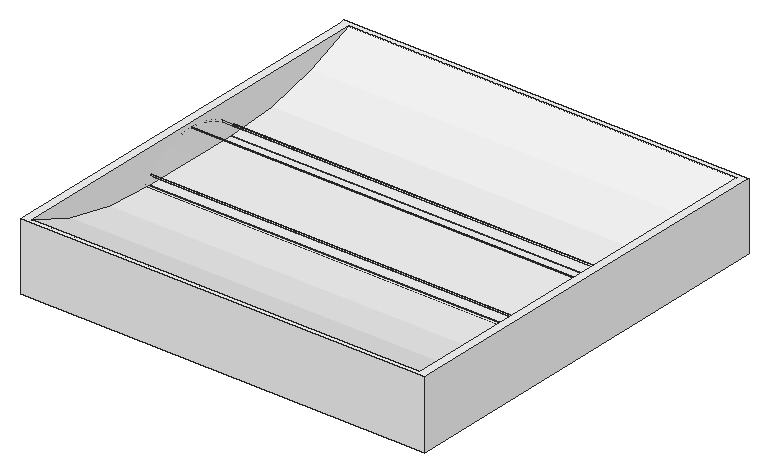
Revit family "LCAT-G", category Lighting Fixtures, host Face, Revit 2013
Parameters (values of type "CCL22-3335")
  zz Length = Row Length - 1.000"  # 23.000"
  Width = 24.000"
  Watts = 28.9 W
  Wattage = 28.9 W
  Warranty = "Five-year warranty"  # constant formula
  built-in parameter 1150110 = 1 (stored number, unit not read)
  Voltage = 120 V
  Wattage Comments = "28.9W-43.9W"  # constant formula
  URL = "http://www.columbialighting.com/"
  built-in parameter 1114217 = 1 (stored number, unit not read)
  Tilt Angle = 90.00°
  built-in parameter 1150109 = 1 (stored number, unit not read)
  built-in parameter 1150134 = (empty or 0)
  built-in parameter 1150113 = 1 (stored number, unit not read)
  Product Page URL = "http://www.columbialighting.com/products/ccl"
  Product Documentation Link = "http://cdn.columbialighting.com/content/products/specs/specs_files/ts_col_ccl_spec.pdf"
  Power Factor = 1
  Photometric Web File = "generic"
  built-in parameter 1150142 = (empty or 0)
  Mounting = "Recessed mount"  # constant formula
  Model = "CCL22"
  Manufacturer Phone = "(864)-678-1000"  # constant formula
  Manufacturer Fax = "(866)-898-1065"  # constant formula
  Manufacturer = "Columbia Lighting"  # constant formula
  Row Length = 24.000"
  built-in parameter 1150105 = 257.58 (stored number, unit not read)
  Lumens = 3236.8 lm
  built-in parameter 1150115 = 1 (stored number, unit not read)
  Load Classification = Lighting
  built-in parameter 1150137 = (empty or 0)
  built-in parameter 1150139 = (empty or 0)
  built-in parameter 1150112 = 1 (stored number, unit not read)
  built-in parameter 1150114 = 1 (stored number, unit not read)
  Lamp = "LED lamp"  # constant formula
  Light Bulb = Hubbell - White Glass
  built-in parameter 1150132 = (empty or 0)
  built-in parameter 1150102 = (empty or 0)
  built-in parameter 1150107 = 3500 (stored number, unit not read)
  built-in parameter 1150138 = (empty or 0)
  built-in parameter 1150106 = 2.5758 (stored number, unit not read)
  Emit from Rectangle Width = Width - 2.000"  # 22.000"
  Emit from Rectangle Length = Row Length - 2.000"  # 22.000"
  Emit Shape Visible in Rendering = no
  built-in parameter 1150104 = 10.405 (stored number, unit not read)
  Dimming Lamp Color Temperature Shift = <None>
  Dimming = "0-10V"  # constant formula
  Description = "Center-Lens Troffer"  # constant formula
  Default Elevation = 48.000"
  Color Filter = 16777215
  Certifications = "UL1598 & CSA"  # constant formula
  built-in parameter 1114218 = 1 (stored number, unit not read)
  Backbox = Hubbell - White
  built-in parameter 1150133 = 10 (stored number, unit not read)
  Apparent Load = Watts / Power Factor  # 28.9 VA
Types (5): name | zz Length | Watts | Wattage | built-in parameter 1150134 | Model | Row Length | built-in parameter 1150105 | Lumens | built-in parameter 1150107 | built-in parameter 1150106 | Emit from Rectangle Length | built-in parameter 1150104 | Apparent Load
  (no name) | 23.000" | 28.9 W | 28.9 W | (empty or 0) | "CCL22" | 24.000" | 257.58 (stored number, unit not read) | 3236.8 lm | 3500 (stored number, unit not read) | 2.5758 (stored number, unit not read) | 22.000" | 10.405 (stored number, unit not read) | 28.9 VA
  CCL24-5035 | 47.000" | 43.9 W | 43.9 W | (empty or 0) | "CCL24" | 48.000" | 398.25 (stored number, unit not read) | 5004.6 lm | 3500 (stored number, unit not read) | 3.9825 (stored number, unit not read) | 46.000" | 10.591 (stored number, unit not read) | 43.9 VA
  CCL22-3335 | 23.000" | 28.9 W | 28.9 W | (empty or 0) | "CCL22" | 24.000" | 257.58 (stored number, unit not read) | 3236.8 lm | 3500 (stored number, unit not read) | 2.5758 (stored number, unit not read) | 22.000" | 10.405 (stored number, unit not read) | 28.9 VA
  CCL22-3340 | 23.000" | 28.9 W | 28.9 W | 12 | "CCL22" | 24.000" | 266.78 (stored number, unit not read) | 3352.4 lm | 4000 (stored number, unit not read) | 2.6678 (stored number, unit not read) | 22.000" | 10.777 (stored number, unit not read) | 28.9 VA
  CCL24-5040 | 47.000" | 43.9 W | 43.9 W | 12 | "CCL24" | 48.000" | 412.23 (stored number, unit not read) | 5180.2 lm | 4000 (stored number, unit not read) | 4.1223 (stored number, unit not read) | 46.000" | 10.963 (stored number, unit not read) | 43.9 VA
Reference planes (in)
  plane 1 "Center (Front/Back)": y = 0.03999
  plane 2: z = 0
  plane 3 "Center (Left/Right)": x = 1.66944
  plane 4: x = -10.33056
  plane 5: x = 13.66944
  plane 6: z = -4
  plane 7: y = -11.96001
  plane 8: y = 12.03999
Forms (in)
  Extrusion 1, void
    sketch origin (0, 0.03999, 0) x (1, 0, 0) y (0, 0, 1)
      loop
        line (-10.33056, 0) -> (-10.33056, -4) -> (13.66944, -4) -> (13.66944, 0) -> (-10.33056, 0)
    from -12 to 12
Dimensions and locks (in)
  equal spacing: plane 5, plane 3 "Center (Left/Right)", plane 4
  "Row Length": plane 5 to plane 4
  equal spacing: plane 7, plane 1 "Center (Front/Back)", plane 8
  "Width": plane 7 to plane 8
  aligned and locked: plane 2 to host face
  aligned and locked: level to host face
  aligned and locked: Extrusion 1 sketch curve to level
  aligned and locked: plane 4 to Extrusion 1 sketch curve
  aligned and locked: Extrusion 1 sketch curve to plane 5
  aligned and locked: plane 6 to Extrusion 1 sketch curve
  aligned and locked: Extrusion 1 to plane 8
  aligned and locked: plane 3 "Center (Left/Right)" to nested 1
  aligned and locked: plane 1 "Center (Front/Back)" to nested 1
  aligned and locked: Extrusion 1 to plane 7
Automatic sketch dimensions
  host sketch curve to host sketch curve = 96.000"  (x2)
Nested families (in)
  nested 1: "CCL Center-Lens Troffer" at (1.66944, 0.03999, -4), Glass <- "Light Bulb", Finish <- "Backbox", Width <- "Width", Row Length <- "Row Length", type "CCL Center-Lens Troffer"
    with Width 24.000", Row Length 24.000", Height 4.000", Glass Hubbell - White Glass, Finish Hubbell - White
Connectors (in)
  electrical at (1.66944, 0.03999, -4), driven by "Voltage", driven by "Load Classification", driven by "Apparent Load", driven by "Power Factor"
    settings: on nested 1, index 1, voltage 120 V, apparent load 28.9 VA, apparent load phase1 0 VA, apparent load phase2 0 VA, apparent load phase3 0 VA, power factor 1, load classification "Lighting", number of poles 1, system type 30, power factor state 1, is connector primary yes, connector utility no, sub classification motor no, connector description "Lighting Connector"
Definition of nested family "CCL Center-Lens Troffer"
  Parameters (values of type "LED Contemporary Architectural Troffer")
    Width [instance] = 24.000"
    Row Length [instance] = 24.000"
    Height [instance] = 4.000"
    Glass [instance] = none
    Finish [instance] = none
    Default Elevation = 48.000"
  Reference planes (in)
    plane 1 "Center (Front/Back)": y = 0
    plane 2: z = 0
    plane 3 "Center (Left/Right)": x = 0
    plane 4: x = 12
    plane 5: x = -12
    plane 6: y = -12
    plane 7: y = 12
    plane 8: z = 4
    plane 9: x = -11.5
    plane 10: x = 11.5
    plane 11: y = -3
    plane 12: y = 3
    plane 13: z = 2
    plane 14: y = -11.75
    plane 15: y = 11.75
    plane 16: z = 0.25
  Forms (in)
    Extrusion 1, solid
      sketch origin (0, 0, 0) x (1, 0, 0) y (0, 1, 0)
        loop
          line (-48, 48) -> (-48, -48) -> (48, -48) -> (48, 48) -> (-48, 48)
      from 0 to -12
    Extrusion 2, solid, material <- "Glass"
      sketch origin (0, 0, 0) x (0, 1, 0) y (0, 0, 1)
        loop
          arc (-3.0054, 2) -> (-3.2554, 2.25) -> (-3.0054, 2.5) r 0.25
          arc (-3.0054, 2.5) -> (-1.62233, 3.40315) -> (0, 3.71395) r 4.27102
          arc (0, 3.71395) -> (1.62233, 3.40315) -> (3.0054, 2.5) r 4.27102
          arc (3.0054, 2.5) -> (3.2554, 2.25) -> (3.0054, 2) r 0.25
          line (3.0054, 2) -> (3.0054, 1.89823)
          arc (3.0054, 1.89823) -> (3.35619, 2.24902) -> (3.0054, 2.59982) r 0.35079
          arc (3.0054, 2.59982) -> (1.6184, 3.48995) -> (0, 3.80122) r 4.35698
          arc (0, 3.80122) -> (-1.6184, 3.48995) -> (-3.0054, 2.59982) r 4.35698
          arc (-3.0054, 2.59982) -> (-3.35619, 2.24902) -> (-3.0054, 1.89823) r 0.35079
          line (-3.0054, 1.89823) -> (-3.0054, 2)
      from -11.5 to 11.5
    Extrusion 3, solid, material <- "Finish"
      sketch origin (0, 0, 0) x (0, 1, 0) y (0, 0, 1)
        loop
          line (-12, 4) -> (-12, 0) -> (12, 0) -> (12, 4) -> (-12, 4)
      from 11.5 to 12
    Extrusion 4, solid, material <- "Finish"
      sketch origin (0, 0, 0) x (0, 1, 0) y (0, 0, 1)
        loop
          line (12, 4) -> (-12, 4) -> (-12, 0) -> (12, 0) -> (12, 4)
      from -12 to -11.5
    Extrusion 5, solid, material <- "Finish"
      sketch origin (0, 0, 0) x (0, 1, 0) y (0, 0, 1)
        loop
          line (-12, 0) -> (12, 0) -> (12, 4) -> (11.75, 4) -> (11.75, 0.25) -> (-11.75, 0.25) -> (-11.75, 4) -> (-12, 4) -> (-12, 0)
      from -11.5 to 11.5
    Extrusion 6, solid, material <- "Finish"
      sketch origin (0, 0, 0) x (0, 1, 0) y (0, 0, 1)
        loop
          arc (-3, 2) -> (-7.48783, 2.50637) -> (-11.75, 4) r 20.14062
          line (-11.75, 4) -> (-11.75, 0.25) -> (11.75, 0.25) -> (11.75, 4)
          arc (11.75, 4) -> (7.48783, 2.50637) -> (3, 2) r 20.14062
          line (3, 2) -> (-3, 2)
      from -12 to 12
  Cuts and joins
    joined: Extrusion 3, Extrusion 4, Extrusion 5, Extrusion 6
  Dimensions and locks (in)
    equal spacing: plane 4, plane 3 "Center (Left/Right)", plane 5
    "Row Length": plane 4 to plane 5
    equal spacing: plane 6, plane 1 "Center (Front/Back)", plane 7
    "Width": plane 6 to plane 7
    "Height": plane 8 to plane 2
    equal spacing: plane 10, plane 3 "Center (Left/Right)", plane 9
    locked: plane 9 to plane 5 at 0.5
    equal spacing: plane 11, plane 1 "Center (Front/Back)", plane 12
    locked: plane 11 to plane 1 "Center (Front/Back)" at 3
    locked: plane 6 to plane 14 at 0.25
    equal spacing: plane 14, plane 1 "Center (Front/Back)", plane 15
    locked: plane 16 to level at 0.25
    level to Extrusion 5 = 4.000"
    aligned and locked: plane 2 to Extrusion 1
    aligned and locked: level to Extrusion 1
    aligned and locked: Extrusion 2 to plane 10
    aligned and locked: Extrusion 2 to plane 9
    aligned and locked: plane 8 to Extrusion 3 sketch curve
    aligned and locked: plane 6 to Extrusion 3 sketch curve
    aligned and locked: level to Extrusion 3 sketch curve
    aligned and locked: Extrusion 3 sketch curve to plane 7
    aligned and locked: plane 4 to Extrusion 3
    aligned and locked: plane 10 to Extrusion 3
    aligned and locked: Extrusion 4 sketch curve to Extrusion 3  (x4)
    aligned and locked: Extrusion 4 to plane 5
    aligned and locked: plane 9 to Extrusion 4
    aligned and locked: Extrusion 5 sketch curve to Extrusion 3  (x4)
    aligned and locked: plane 8 to Extrusion 5 sketch curve
    aligned and locked: Extrusion 5 sketch curve to plane 14
    aligned and locked: plane 16 to Extrusion 5 sketch curve
    aligned and locked: Extrusion 5 sketch curve to plane 15
    aligned and locked: Extrusion 5 to plane 10
    aligned and locked: Extrusion 5 to plane 9
    aligned and locked: plane 13 to Extrusion 6 sketch curve
    aligned and locked: plane 12 to Extrusion 6 sketch curve
    aligned and locked: plane 11 to Extrusion 6 sketch curve
    aligned and locked: Extrusion 6 sketch curve to plane 14
    aligned and locked: plane 16 to Extrusion 6 sketch curve
    aligned and locked: Extrusion 6 sketch curve to plane 15
    aligned and locked: plane 4 to Extrusion 6
    aligned and locked: Extrusion 6 to plane 5
  Automatic sketch dimensions
    Extrusion 1 sketch curve to Extrusion 1 sketch curve = 96.000"  (x2)
    plane 13 to Extrusion 2 sketch curve = 0.000"  (x2)
    Extrusion 2 sketch curve to plane 1 "Center (Front/Back)" = 0.000"  (x2)
    plane 1 "Center (Front/Back)" to Extrusion 2 sketch curve = 0.00113"
    Extrusion 2 sketch curve to Extrusion 2 sketch curve = 0.0216"  (x2)
    Extrusion 2 sketch curve to plane 11 = 0.0054"
    Extrusion 2 sketch curve to plane 1 "Center (Front/Back)" = 0.00113"
    Extrusion 2 sketch curve to plane 12 = 0.0054"
    plane 13 to Extrusion 2 sketch curve = 0.10177"  (x2)
    Extrusion 2 sketch curve to level = 0.55575"
    Extrusion 2 sketch curve to Extrusion 2 sketch curve = 0.000"
    Extrusion 2 sketch curve to Extrusion 2 sketch curve = 0.00126"  (x2)
    Extrusion 2 sketch curve to Extrusion 2 sketch curve = 0.24902"
    Extrusion 2 sketch curve to Extrusion 2 sketch curve = 0.00098"
    plane 8 to Extrusion 6 sketch curve = 0.000"  (x2)
